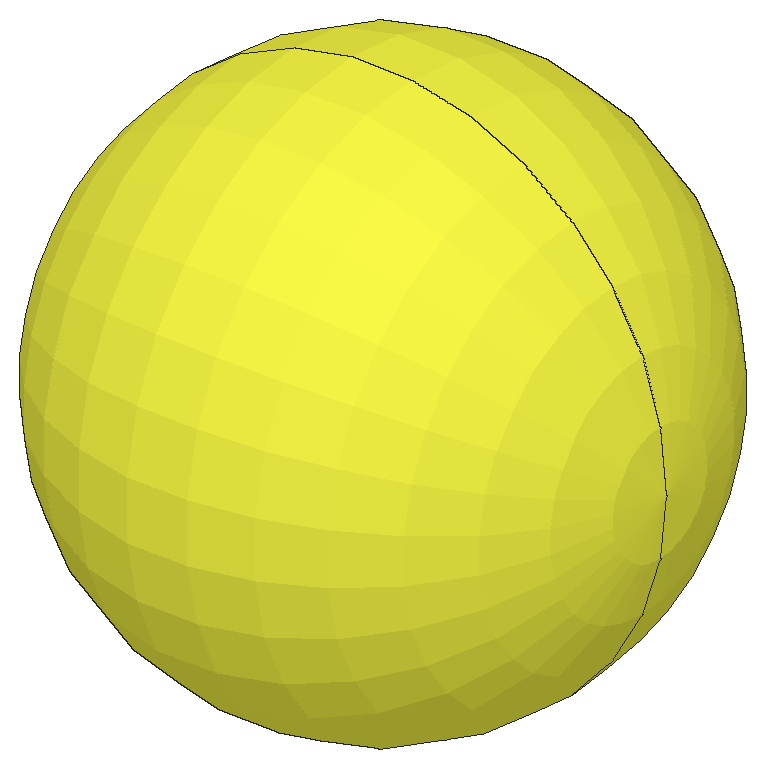
Revit family "SampleFamilySun.rvt", category Обобщенные модели, Revit 2021
Family settings
  Может служить основой для арматурных стержней = Нет
  Размер круглого соединителя = Использовать диаметр
  Тип детали = Нормальный
  На основе рабочей плоскости = Нет
  Всегда вертикально = Да
  При загрузке вырезать с полостями = Нет
  Общий = Да
  Точка принадлежности помещению = Нет
Parameters
  Солнце = Жёлтый
  Отметка по умолчанию = 0 mm
  dz/2 [instance] = dz / 2  # 2500 mm
  dz [instance] = 5000 mm
  dy/2 [instance] = dy / 2  # 2500 mm
  dy [instance] = 5000 mm
  dx/2 [instance] = dx / 2  # 2500 mm
  dx [instance] = 5000 mm
Reference planes
  plane 1 "По центру (Вперед/Назад)": y = 0
  plane 2: z = 0
  plane 3 "По центру (Влево/Вправо)": x = 0
  plane 4: x = 2500
  plane 5: y = 2500
Forms (mm)
  Revolve 1, solid, material "Жёлтый" <- "Солнце"
    sketch origin (0, 0, 0) x (1, 0, 0) y (0, 0, 1)
      loop
        arc (3500, 0) -> (2500, 1000) -> (1500, 0) r 1000
        line (1500, 0) -> (3500, 0)
      axis (1500, 0) -> (3500, 0)
    angle from 0 to 360
Dimensions and locks
  "dy/2": plane 1 "По центру (Вперед/Назад)" to plane 5
  "dx/2": plane 3 "По центру (Влево/Вправо)" to plane 4
  aligned and locked: level to plane 2
Automatic sketch dimensions
  Revolve 1 sketch curve to level = 0 mm  (x2)
  plane 4 to Revolve 1 sketch curve = 0 mm
  Revolve 1 sketch curve to Revolve 1 sketch curve = 1000 mm
  plane 3 "По центру (Влево/Вправо)" to Revolve 1 sketch curve = 640 mm
  Revolve 1 sketch curve to Revolve 1 sketch curve = 760 mm
